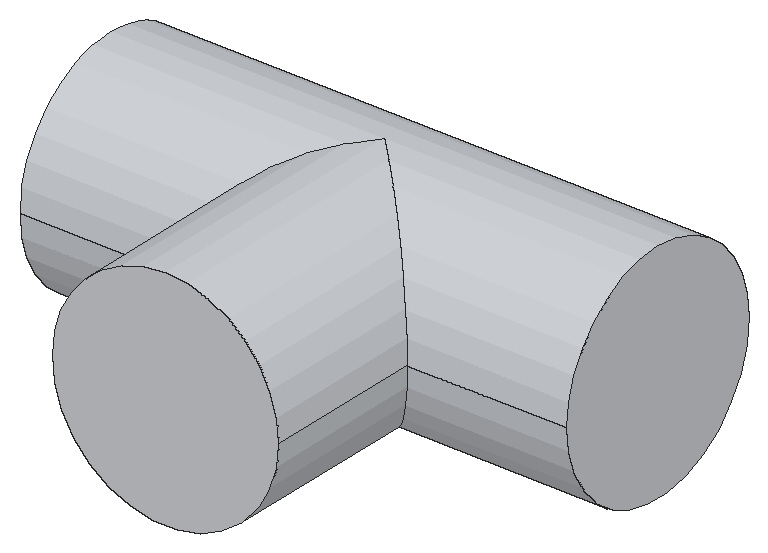
Revit family "7a116d97226b49bf9f22051e2df0aa19", category Pipe Fittings, Revit 2021
Family settings
  Round Connector Dimension = Use Radius
  Part Type = Tee
  OmniClass Number = 23.60.30.11.14
  OmniClass Title = Pipework Fittings
  Work Plane-Based = No
  Always vertical = Yes
  Cut with Voids When Loaded = No
  Shared = No
Parameters (values of type "Standard")
  Tick Size [instance] = Fitting Outside Diameter * 0.4  # 2.6500"
  Nominal Radius [instance] = 3.0000"
  Nominal Diameter [instance] = Nominal Radius * 2  # 6.0000"
  Loss Method = K Coefficient from Table
  Lookup Table Name = "Tee - BV - Steel - Fabricated"
  K Coefficient Table = "Tee"
  Fitting Outside Radius [instance] = Fitting Outside Diameter / 2  # 3.3125"
  Fitting Outside Diameter [instance] = size_lookup(Lookup Table Name, "FOD", Nominal Diameter, Nominal Diameter)  # 6.6250"
  Default Elevation = 0.0000"
  Center to End Label [instance] = if(Center to End * tan(Angle 1 / 2) > Fitting Outside Radius, Center to End, Fitting Outside Radius / tan(Angle 1 / 2))  # 8.0000"
  Center to End [instance] = size_lookup(Lookup Table Name, "CtE", 0.64 * Nominal Diameter + 5.0900", Nominal Diameter)  # 8.0000"
  Angle 1 [instance] = if(Angle > 90.00°, 180.00° - Angle, Angle)  # 90.00°
  Angle [instance] = 90.00°
Reference planes (in)
  plane 1 "Center (Front/Back)": y = 0
  plane 2: z = 0
  plane 3 "Center (Left/Right)": x = 0
  plane 4: x = -8
  plane 5: x = 8
  plane 6: y = 2.65
  plane 7: y = -2.65
Forms (in)
  Extrusion 1, solid, detail levels fine
    sketch origin (0, 0, 0) x (0, 1, 0) y (0, 0, 1)
      loop
        circle (0, 0) r 3.3125
    from -8 to 8
  Sweep 2, solid, detail levels fine
    path origin (0, 0, 0) x (0, -1, 0) y (1, 0, 0)
      loop
        line (0, 0) -> (8, 0)
    profile origin (0, -4, 0) x (1, 0, 0) y (0, 0, 1)
      loop
        circle (0, 0) r 3.3125
Cuts and joins
  joined: Extrusion 1, Sweep 2
Lines and regions (in)
  model lines, detail levels coarse+medium
    curve 1: line (-8, 2.65, 0) -> (-8, -2.65, 0)
    curve 2: line (8, 2.65, 0) -> (8, -2.65, 0)
    curve 6: line (-2.65, -8, 0) -> (2.65, -8, 0)
  model lines, style "PipeFitting", detail levels coarse+medium
    curve 3: line (-8, 0, 0) -> (8, 0, 0)
    curve 5: line (0, 0, 0) -> (0, -8, 0)
  reference lines, not visible
    curve 4: line (0, 0, 0) -> (0, -8, 0)
Dimensions and locks (in)
  "Center to End Label": plane 4 to plane 3 "Center (Left/Right)"
  "Center to End Label": plane 3 "Center (Left/Right)" to plane 5
  "Tick Size": plane 6 to plane 1 "Center (Front/Back)"
  "Tick Size": plane 7 to plane 1 "Center (Front/Back)"
  "Center to End Label": curve 4 to curve 4
  "Center to End Label": curve 5 to curve 5
  "Tick Size": curve 6 to curve 4
  "Tick Size": curve 4 to curve 6
  "Center to End Label": Sweep 2 sketch curve to Sweep 2 sketch curve
  "Fitting Outside Radius": radius of Extrusion 1 sketch curve
  "Fitting Outside Radius": radius of Sweep 2 sketch curve
  "Angle": angle curve 4 to plane 1 "Center (Front/Back)"
  "Angle": angle curve 5 to plane 1 "Center (Front/Back)"
  locked: curve 4 to curve 6 (angle 90.00°)
  "Angle": angle Sweep 2 sketch curve to plane 1 "Center (Front/Back)"
  aligned and locked: plane 2 to level
  aligned and locked: plane 4 to curve 3
  aligned and locked: plane 5 to curve 3
  aligned and locked: plane 1 "Center (Front/Back)" to curve 3
  aligned and locked: plane 6 to curve 2
  aligned and locked: plane 6 to curve 1
  aligned and locked: plane 7 to curve 1
  aligned and locked: plane 7 to curve 2
  aligned and locked: curve 2 to plane 5
  aligned and locked: curve 1 to plane 4
  aligned and locked: plane 1 "Center (Front/Back)" to Extrusion 1 sketch curve
  aligned and locked: plane 2 to Extrusion 1 sketch curve
  aligned and locked: Extrusion 1 to plane 4
  aligned and locked: plane 5 to Extrusion 1
  aligned and locked: plane 3 "Center (Left/Right)" to curve 4
  aligned and locked: plane 1 "Center (Front/Back)" to curve 4
  aligned and locked: plane 3 "Center (Left/Right)" to curve 5
  aligned and locked: plane 1 "Center (Front/Back)" to curve 5
  aligned and locked: curve 6 to curve 4
  aligned and locked: plane 3 "Center (Left/Right)" to Sweep 2 sketch curve
  aligned and locked: plane 1 "Center (Front/Back)" to Sweep 2 sketch curve
Automatic sketch dimensions
  Sweep 2 sketch curve to profile plane = 0.0000"  (x2)
Connectors (in)
  piping at (-8, 0, 0), diameter 6, driven by "Nominal Radius"
    settings: on Extrusion 1, index 1, connector inside diameter 6.0000", connector length 0.0000", flow factor 0, pipe flow 0 GPM, pressure drop 0.00 psi, fitting loss kfactor 0, connector angle 0.00°, fixture units 0, engagement length 0.0000", angle of deflection 0.00°, flow configuration 0, flow direction 0, fitting loss method 0, system type 28, joint type 0, gender type 0, connector reference index 2, connector utility 0, adjustable connector no, is connector primary yes, connector description ""
  piping at (8, 0, 0), diameter 6, driven by "Nominal Radius"
    settings: on Extrusion 1, index 2, connector inside diameter 6.0000", connector length 0.0000", flow factor 0, pipe flow 0 GPM, pressure drop 0.00 psi, fitting loss kfactor 0, connector angle 0.00°, fixture units 0, engagement length 0.0000", angle of deflection 0.00°, flow configuration 0, flow direction 0, fitting loss method 0, system type 28, joint type 0, gender type 0, connector reference index 1, connector utility 0, adjustable connector no, is connector primary no, connector description ""
  piping at (0, -8, 0), diameter 6, driven by "Nominal Radius", driven by "Angle"
    settings: on Sweep 2, index 3, connector inside diameter 6.0000", connector length 0.0000", flow factor 0, pipe flow 0 GPM, pressure drop 0.00 psi, fitting loss kfactor 0, connector angle 90.00°, fixture units 0, engagement length 0.0000", angle of deflection 0.00°, flow configuration 0, flow direction 0, fitting loss method 0, system type 28, joint type 0, gender type 0, connector reference index -1, connector utility 0, adjustable connector no, is connector primary no, connector description ""
